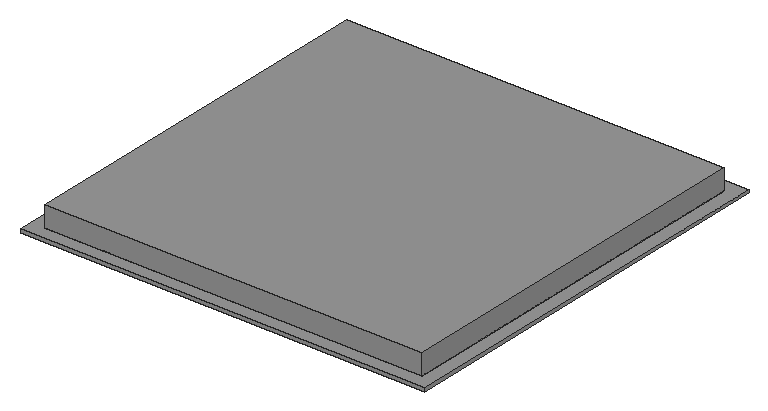
Revit family "63_UN_LEDPanel_CoreLine panel G5 W60L60 SM_Signify", category Lighting Fixtures, Revit 2019
Family settings
  Round Connector Dimension = Use Diameter
  Part Type = Normal
  OmniClass Number = 23.80.70.11.14.11
  OmniClass Title = Downlights
  Work Plane-Based = No
  Always vertical = Yes
  Cut with Voids When Loaded = No
  Light Source = Yes
  Shared = No
  Room Calculation Point = Yes
Parameters (values of type "6060_WIA")
  Wattage Comments = "28.50 VA"
  Wattage = 24.2356 W
  built-in parameter 1150110 = 1 (stored number, unit not read)
  Voltage = 230 V
  URL = "https://www.ivlibrary.com/"
  Type Comments = "G5 W60L60"
  built-in parameter 1114217 = 1 (stored number, unit not read)
  Tilt Angle = 90.00°
  built-in parameter 1150109 = 1 (stored number, unit not read)
  built-in parameter 1150134 = 3
  Symbol_ToScale [instance] = not(Symbol_RealSize)  # no
  Symbol_RealSize [instance] = yes
  Switch Code [instance] = ""
  built-in parameter 1150113 = 1 (stored number, unit not read)
  Photometric Web File = "ES-M-PS-12S-827-PSD-MB-ALL-ALL.ies"
  Model = "Coreline Panel"
  Manufacturer = "Signify"
  built-in parameter 1150105 = 286.48 (stored number, unit not read)
  Luminous Flux (lm) = 3600 lm
  Lumens = 3600 lm
  built-in parameter 1150115 = 1 (stored number, unit not read)
  Luminaire Code [instance] = ""
  built-in parameter 1150137 = (empty or 0)
  built-in parameter 1150139 = (empty or 0)
  built-in parameter 1150112 = 1 (stored number, unit not read)
  built-in parameter 1150114 = 1 (stored number, unit not read)
  Lamp = "LED"
  built-in parameter 1150132 = 2
  built-in parameter 1150102 = (empty or 0)
  built-in parameter 1150107 = 3200 (stored number, unit not read)
  built-in parameter 1150138 = (empty or 0)
  built-in parameter 1150106 = 2.8648 (stored number, unit not read)
  IfcExportType = "USERDEFINED"
  IfcExportAs = "IfcLightFixtureType"
  IP Value = "IP20"
  IK Value = "IK02"
  Housing_Material = Laminate, White
  Emit from Rectangle Width = 555 mm
  Emit from Rectangle Length = 555 mm
  Emit Shape Visible in Rendering = no
  built-in parameter 1150104 = 13.8 (stored number, unit not read)
  Dimming Lamp Color Temperature Shift = <None>
  Description = ""
  Content Creator® = "www.ivlibrary.com"
  Color Filter = 16777215
  Calc_L2_Symbol = 5.95 mm
  Calc_L1_Symbol = 5.95 mm
  built-in parameter 1114218 = 1 (stored number, unit not read)
  built-in parameter 1150133 = 10 (stored number, unit not read)
  Assembly Code = "63.0"
  Apparent Load = 28.5 VA
Types (5): name
  W60L60 PSD NOC
  W60L60 PSD OC
  W60L60 PSU NOC
  W60L60 PSU OC
  6060_WIA
Reference planes
  plane 1 "Center (Front/Back)": y = 0
  plane 2: z = 0
  plane 3 "Center (Left/Right)": x = 0
  plane 4: x = -277.5
  plane 5: x = 277.5
  plane 6: y = 277.5
  plane 7: y = -277.5
  plane 8: x = -297.5
  plane 9: x = 297.5
  plane 10: y = -297.5
  plane 11: y = 297.5
Forms (mm)
  Extrusion 1, solid, material "Laminate, White" <- "Housing_Material"
    sketch origin (0, 0, -30) x (1, 0, 0) y (0, 1, 0)
      loop
        line (-277.5, 277.5) -> (-277.5, -277.5) -> (277.5, -277.5) -> (277.5, 277.5) -> (-277.5, 277.5)
    from 0 to 30
  Extrusion 2, solid, material "Glass, White, High Luminance"
    sketch origin (0, 0, -30) x (1, 0, 0) y (0, 1, 0)
      loop
        line (-277.5, 277.5) -> (-277.5, -277.5) -> (277.5, -277.5) -> (277.5, 277.5) -> (-277.5, 277.5)
    from 0 to -1
  Extrusion 3, solid, material "Laminate, White" <- "Housing_Material"
    sketch origin (0, 0, -30) x (1, 0, 0) y (0, 1, 0)
      loop
        line (-277.5, 277.5) -> (-277.5, -277.5) -> (277.5, -277.5) -> (277.5, 277.5) -> (-277.5, 277.5)
      loop
        line (-297.5, -297.5) -> (297.5, -297.5) -> (297.5, 297.5) -> (-297.5, 297.5) -> (-297.5, -297.5)
    from 0 to -5
Lines and regions (mm)
  symbolic lines, visible <- "Symbol_RealSize"
    curve 1: line (-297.5, -297.5, 0) -> (297.5, -297.5, 0)
    curve 2: line (-297.5, 297.5, 0) -> (-297.5, -297.5, 0)
    curve 3: line (297.5, 297.5, 0) -> (-297.5, 297.5, 0)
    curve 4: line (297.5, -297.5, 0) -> (297.5, 297.5, 0)
Dimensions and locks
  equal spacing: plane 11, plane 1 "Center (Front/Back)", plane 10
  equal spacing: plane 8, plane 3 "Center (Left/Right)", plane 9
  plane 8 to plane 9 = 595 mm
  plane 11 to plane 10 = 595 mm
  plane 8 to plane 4 = 20 mm
  plane 5 to plane 9 = 20 mm
  plane 6 to plane 11 = 20 mm
  plane 7 to plane 10 = 20 mm
  aligned and locked: level to plane 2
  aligned and locked: Extrusion 2 sketch curve to Extrusion 1  (x4)
Automatic sketch dimensions
  curve 3 to plane 8 = 0 mm
  curve 3 to plane 9 = 0 mm
  curve 1 to plane 10 = 0 mm
  plane 11 to curve 3 = 0 mm
  Extrusion 1 sketch curve to plane 4 = 0 mm
  Extrusion 1 sketch curve to plane 5 = 0 mm
  Extrusion 1 sketch curve to plane 7 = 0 mm
  Extrusion 1 sketch curve to plane 6 = 0 mm
  Extrusion 3 sketch curve to plane 8 = 0 mm
  Extrusion 3 sketch curve to plane 4 = 0 mm
  Extrusion 3 sketch curve to plane 5 = 0 mm
  Extrusion 3 sketch curve to plane 9 = 0 mm
  Extrusion 3 sketch curve to plane 10 = 0 mm
  Extrusion 3 sketch curve to plane 7 = 0 mm
  Extrusion 3 sketch curve to plane 6 = 0 mm
  plane 11 to Extrusion 3 sketch curve = 0 mm
Nested families
  nested 1: "Parametric LED Panel Symbol" at (0, 0, 0), L1 <- "Calc_L1_Symbol", L2 <- "Calc_L2_Symbol", visible <- "Symbol_ToScale", type "Parametric LED Panel Symbol"
    with L2 5.95 mm, L1 5.95 mm
Connectors
  electrical at (0, 0, 0), driven by "Voltage", driven by "Apparent Load"
    settings: index 1, voltage 230 V, apparent load 0 VA, apparent load phase1 28.5 VA, apparent load phase2 0 VA, apparent load phase3 0 VA, power factor 1, load classification "Lighting", number of poles 1, system type 31, power factor state 1, is connector primary yes, connector utility no, sub classification motor no, connector description ""
Definition of nested family "Parametric LED Panel Symbol"
  Parameters (values of type "Parametric LED Panel Symbol")
    L2 [instance] = 4.484 mm
    L1 [instance] = 6.437 mm
  Reference planes
    plane 1: y = 0
    plane 2: x = 0
  Lines and regions (mm)
    detail lines
      curve 1: line (-3.219, 2.242, 0) -> (3.219, 2.242, 0)
      curve 2: line (-3.219, -2.242, 0) -> (-3.219, 2.242, 0)
      curve 3: line (3.219, -2.242, 0) -> (-3.219, -2.242, 0)
      curve 4: line (3.219, 2.242, 0) -> (3.219, -2.242, 0)
  Dimensions and locks
    equal spacing: curve 2, plane 2, curve 4
    equal spacing: curve 3, plane 1, curve 1
    "L1": curve 2 to curve 4
    "L2": curve 3 to curve 1
